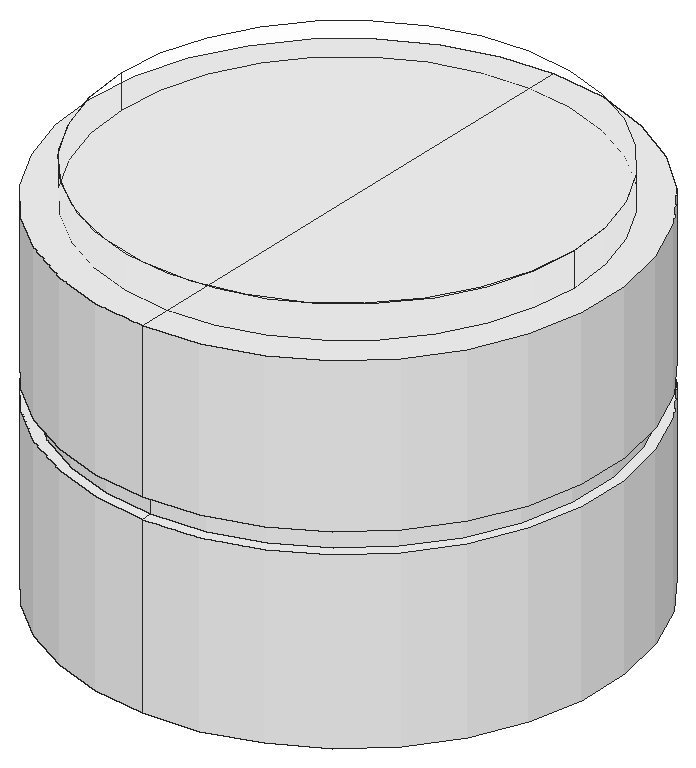
Revit family "32L-C-S-D", category Lighting Fixtures, host Face, Revit 2014
Parameters (values of type "32L-C-S-D")
  Watts = 7 W
  Wattage = 7 W
  Warranty = "5 years Warranty"  # constant formula
  built-in parameter 1150110 = 1 (stored number, unit not read)
  Voltage = 120 V
  URL = "https://www.hubbell.com/litecontrol/en/"
  Type Comments = "Lighting Fixtures"  # constant formula
  built-in parameter 1114217 = 1 (stored number, unit not read)
  Tilt Angle = 90.00°
  built-in parameter 1150109 = 1 (stored number, unit not read)
  built-in parameter 1150134 = (empty or 0)
  built-in parameter 1150113 = 1 (stored number, unit not read)
  Product Page URL = "https://www.hubbell.com/litecontrol/en/Products/Lighting-Controls/Commercial-Indoor-Lighting/Pendant-Lighting/Inde-Pendant-32-LED-Cylinder-Surface-Direct/p/2126530"
  Product Documentation Link = "https://hubbellcdn.com/specsheet/32L-C-S-D.pdf"
  Power Factor = 1
  Photometric Web File = "32L-C-P-D-C1-AC1-30K-D055.IES"
  Photometric Notes = "More IES files downloaded in the Photometric Link"  # constant formula
  Photometric Link = "https://www.hubbell.com/litecontrol/en/Products/Lighting-Controls/Commercial-Indoor-Lighting/Pendant-Lighting/Inde-Pendant-32-LED-Cylinder-Surface-Direct/p/2126530"
  Model = "32L-C-S-D"  # constant formula
  Material = Hubbell - White
  Manufacturer = "Lite Control"  # constant formula
  built-in parameter 1150105 = 82.744 (stored number, unit not read)
  Lumens = 1039.79 lm
  built-in parameter 1150115 = 1 (stored number, unit not read)
  Load Classification = Lighting
  built-in parameter 1150137 = (empty or 0)
  built-in parameter 1150139 = (empty or 0)
  built-in parameter 1150112 = 1 (stored number, unit not read)
  built-in parameter 1150114 = 1 (stored number, unit not read)
  Lamp = "LED"
  built-in parameter 1150132 = (empty or 0)
  built-in parameter 1150102 = (empty or 0)
  built-in parameter 1150107 = 3000 (stored number, unit not read)
  built-in parameter 1150138 = (empty or 0)
  built-in parameter 1150106 = 0.82744 (stored number, unit not read)
  Glass = Glass - Hubbell - White
  Emit from Circle Diameter = 0' - 6"
  Emit Shape Visible in Rendering = no
  built-in parameter 1150104 = 13.8 (stored number, unit not read)
  Dimming Lamp Color Temperature Shift = <None>
  Description = "Inde-Pendant 32 LED Cylinder Surface Direct"  # constant formula
  Default Elevation = 4' - 0"
  Create Date = "05/18/2018"  # constant formula
  Copyright = "Copyright © 2017 Litecontrol"  # constant formula
  Contact Us = "https://www.hubbell.com/litecontrol/en/contactUs?productId=2126531"
  Color Filter = 16777215
  built-in parameter 1114218 = 1 (stored number, unit not read)
  built-in parameter 1150133 = 10 (stored number, unit not read)
  Assembly Code = "D5020210"
  Apparent Load = 0 VA
Reference planes (in)
  plane 1 "Center (Front/Back)": y = 0
  plane 2: z = 0
  plane 3 "Center (Left/Right)": x = 0
  plane 4: z = 0
  plane 5: y = 10
  plane 6: y = -10
Dimensions and locks (in)
  equal spacing: plane 5, plane 1 "Center (Front/Back)", plane 6
  plane 5 to plane 6 = 1' - 8"
  plane 1 "Center (Front/Back)" to plane 5 = 0' - 10"
  aligned and locked: plane 2 to host face
  aligned and locked: level to host face
  aligned and locked: plane 1 "Center (Front/Back)" to imposter light
  aligned and locked: plane 2 to plane 4
  aligned and locked: nested 1 to plane 3 "Center (Left/Right)"
  aligned and locked: plane 1 "Center (Front/Back)" to nested 1
  aligned and locked: imposter light to plane 3 "Center (Left/Right)"
  aligned and locked: imposter light to nested 1
Automatic sketch dimensions
  host sketch curve to host sketch curve = 8' - 0"  (x2)
Nested families (in)
  nested 1: "32L-C-P-D" at (0, 0, 0) x (0, -1, 0) z (0, 0, 1), type "32L-C-P-D"
Connectors (in)
  electrical at (0, 0, 0), driven by "Load Classification", driven by "Voltage", driven by "Apparent Load", driven by "Power Factor"
    settings: on nested 1, index 1, voltage 120 V, apparent load 0 VA, apparent load phase1 0 VA, apparent load phase2 0 VA, apparent load phase3 0 VA, power factor 1, load classification "Lighting", number of poles 1, system type 30, power factor state 1, is connector primary yes, connector utility no, sub classification motor no, connector description "Electrical Connector"
Definition of nested family "32L-C-P-D"
  Parameters (values of type "32L-C40-P-D")
    Voltage = 120 V
    URL = "http://www.litecontrol.com/"
    Product Page URL = "http://www.litecontrol.com/products/independant_32_led_cylinder_ring_pendant_direct"
    Product Documentation Link = "http://cdn.litecontrol.com/content/products/specs/specs_files/32L-CR-P-D.pdf"
    Pendant Height [instance] = 1' - 2.62"
    Model = "32L-CR40-P-D"  # constant formula
    Material = none
    Manufacturer Phone = "781-294-0100 "  # constant formula
    Manufacturer Fax = "781-293-2849"  # constant formula
    Manufacturer = "Lite Control"  # constant formula
    Lamp = "LED"
    Glass = none
    Description = "Inde-Pendant 32 LED Cylinder & Ring Pendant Direct"  # constant formula
    Default Elevation = 4' - 0"
    Assembly Code = "D5020210"
    Apparent Load = 0 VA
  Reference planes (in)
    plane 1 "Center (Front/Back)": y = 0
    plane 2: z = 0
    plane 3 "Center (Left/Right)": x = 0
    plane 4: z = 0
    plane 5: y = 10
    plane 6: y = -10
    plane 7: x = -20
    plane 8: x = 20
    plane 9: z = 4.6
    plane 10: z = 14.62
    plane 11: z = 17.09
  Forms (in)
    Extrusion 1, solid
      sketch origin (0, 0, 0) x (1, 0, 0) y (0, 1, 0)
        loop
          line (-48, 48) -> (-48, -48) -> (48, -48) -> (48, 48) -> (-48, 48)
      from 0 to -4.24227
    Revolve 2, solid, material <- "Material"
      sketch origin (0, 0, 0) x (1, 0, 0) y (0, 0, 1)
        loop
          line (0, 4.6) -> (-3.405, 4.6) -> (-3.405, 2.57) -> (-3.26438, 2.57) -> (-3.26438, 2.3) -> (-3.405, 2.3) -> (-3.405, 0) -> (0, 0) -> (0, 4.6)
        axis (0, 4.6) -> (0, 0)
      angle from 0 to 360
    Extrusion 3, solid, material <- "Glass"
      sketch origin (0, 0, 4.6) x (0, 1, 0) y (-1, 0, 0)
        loop
          circle (0, 0) r 3
      from 0 to 0.44646
  Dimensions and locks (in)
    equal spacing: plane 7, plane 3 "Center (Left/Right)", plane 8
    plane 7 to plane 8 = 3' - 4"
    equal spacing: plane 5, plane 1 "Center (Front/Back)", plane 6
    plane 5 to plane 6 = 1' - 8"
    plane 1 "Center (Front/Back)" to plane 5 = 0' - 10"
    locked: plane 9 to plane 4 at 4.6
    locked: plane 10 to plane 4 at 14.62
    locked: plane 11 to plane 10 at 2.47
    "Pendant Height": plane 10 to plane 2
    aligned and locked: plane 2 to Extrusion 1
    aligned and locked: level to Extrusion 1
    aligned and locked: plane 9 to Revolve 2 sketch curve
  Automatic sketch dimensions
    Extrusion 1 sketch curve to Extrusion 1 sketch curve = 8' - 0"  (x2)
    Revolve 2 sketch curve to level = 0' - 0"  (x2)
    Revolve 2 sketch curve to plane 3 "Center (Left/Right)" = 0' - 0"  (x2)
    level to Revolve 2 sketch curve = 0' - 2.3"
    Revolve 2 sketch curve to plane 3 "Center (Left/Right)" = 0' - 3.405"
    Revolve 2 sketch curve to Revolve 2 sketch curve = 0' - 0"
    Revolve 2 sketch curve to Revolve 2 sketch curve = 0' - 0 9/64"
    Revolve 2 sketch curve to Revolve 2 sketch curve = 0' - 0.27"
    plane 11 to Revolve 2 sketch curve = 0' - 8.91"
    radius of Extrusion 3 sketch curve to Revolve 2 = 0' - 0.405"
